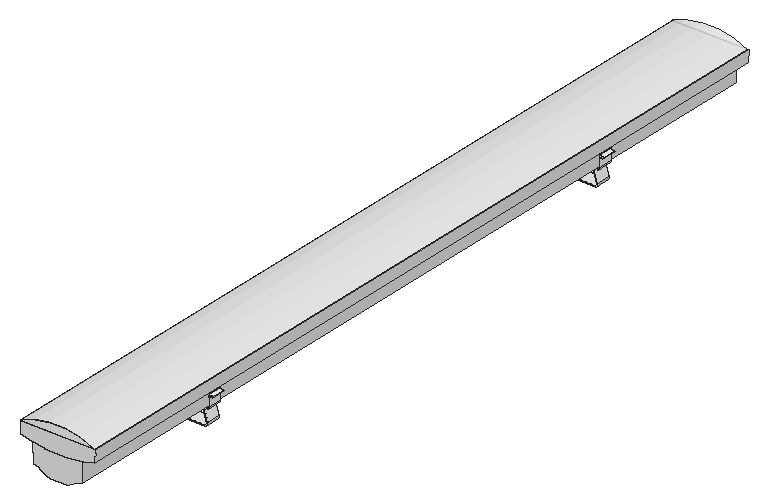
Revit family "Lighting-Industrial-GEWISS-SMART[3]PLUS-WATERTIGHT-LED_OPAL_1200mm", category Apparecchi per illuminazione, host Superficie, Revit 2019
Family settings
  Host = Superficie
  Quota connettore circolare = Usa diametro
  Tipo di parte = Normale
  Numero OmniClass = 23.80.70.11
  Titolo OmniClass = Luminaries for Internal Lighting
  Taglio con vuoti quando caricato = No
  Sorgente d'illuminazione = Sì
  Condiviso = No
  Punto di calcolo locali = No
Parameters (values of type "GWS3223AP957 - SMART3 PLUS 1200 T.W.DALI HE OPAL 9 57")
  Working temperature = "-25 +50 °C"
  Weight (kg): = ""
  Wattage = 27 W
  Warranty = "5 years"
  Voltage = "220-240 V "
  Visibilita_etichetta [instance] = yes
  Version file RFA = "20.0"
  Variazione temperatura colore lampada con luminosità attenuata = (empty or 0)
  URL = "https://www.gewiss.com/ww/en"
  Typology = "DALI"
  Type of light source = "LED - Not replaceable"
  built-in parameter 1150107 = 5700 (stored number, unit not read)
  Technical sheet = "https://www.gewiss.com/ww/en/search?q=GWS3223AP957"
  System power = "38 W"
  Struttura = GEWISS - SMART 3 - GRIGIO
  Stampa 1_200 = no
  Stampa 1_100 = not(Stampa 1_200)  # yes
  Spostamento_Y_etichetta [instance] = 0 mm
  Spostamento_Y_effettivo_etichetta [instance] = 1500 mm - Spostamento_Y_etichetta  # 1500 mm
  Spostamento_X_etichetta [instance] = 0 mm
  Spostamento_X_effettivo_etichetta [instance] = 1500 mm - Spostamento_X_etichetta  # 1500 mm
  Shock resistance = "IK08"
  Shield type = "Opal"
  Schermo. = Gewiss - Led Acceso
  SEO = "Ceiling"
  Realized by GEWISS S.p.A. = ""
  Default Elevation = 1219.2 mm
  Produttore = "GEWISS S.p.A."
  built-in parameter 1150110 = 1 (stored number, unit not read)
  built-in parameter 1150109 = 1 (stored number, unit not read)
  built-in parameter 1114218 = 1 (stored number, unit not read)
  built-in parameter 1150112 = 1 (stored number, unit not read)
  Operating temperature: = "-25 +50 °C"
  Nominal flux (lm) = ""
  No. LED (#) = ""
  Modello = "GWS3223AP957"
  built-in parameter 1150137 = (empty or 0)
  built-in parameter 1150132 = (empty or 0)
  Lunghezza Lampada = 1200 mm  # constant formula
  Lumen output (lm) = "3900"
  Length = "1200 mm"
  Lampada = "LED"
  Lamp = "LED"
  LED LifeTime (L80B20) = ""
  LED Life time (L80B50) = ""
  LED Life time (L70) = ""
  LED Life Time (L90B50) = ""
  built-in parameter 1150105 = 1406.7 (stored number, unit not read)
  built-in parameter 1150102 = (empty or 0)
  Insulation class = "II"
  Immagine tipo = GWS3136P.jpg
  built-in parameter 1150106 = 14.067 (stored number, unit not read)
  IP degree = "IP66/IP69"
  IFC.TypeObject = ""
  IFC.ExportType = ""
  IFC.ExportAs = ""
  IDT = "84740947-4458-4bd0-8500-a6808f406d3d"
  IDF = "35a07a59-9605-4c57-af91-40763df17a89"
  Glow Wire Test = "850°C"
  Ganci = GEWISS  - ALLUMINIO
  Lumens = 4010.63 lm
  Color Filter = 16777215
  File diagramma fotometrico = "GWS3223AP957.IES"
  built-in parameter 1114217 = 1 (stored number, unit not read)
  built-in parameter 1150139 = (empty or 0)
  Failure rate apparecchio (50.000h, Tq=25Â° C) = ""
  Failure rate apparecchio (35.000h, Tq=35Â° C) = ""
  Emetti da lunghezza linea = 700 mm
  Electrocod = "2434"
  Efficiency class of integrated LEDs = "A ÷ A++"
  built-in parameter 1150104 = 13.8 (stored number, unit not read)
  EAN code = ""
  Driver type = ""
  built-in parameter 1150115 = 1 (stored number, unit not read)
  built-in parameter 1150114 = 1 (stored number, unit not read)
  built-in parameter 1150113 = 1 (stored number, unit not read)
  Device with reduced surface temperature = ""
  Descrizione = "SMART3 PLUS 1200 T.W.DALI HE OPAL 9 57"
  Commenti sul wattaggio = "45W"
  Colour temperature: = "5700 K (CRI > 90)"
  Colour temperature = "5700 K (CRI > 90)"
  built-in parameter 1150134 = (empty or 0)
  built-in parameter 1150138 = (empty or 0)
  Catalogue Range = "SMART[3] PLUS"
  Catalogue = "LIGHTING"
  Carico apparente = 45 VA
  COBie.Tagnumber = ""
  COBie.CreatedOn = ""
  COBie.CreatebBy = ""
  COBie.ComponentRegisterItemID = ""
  COBie.Component.TagNumber = ""
  COBie.Component.Space = ""
  COBie.Component.SerialNumber = ""
  COBie.Component.InstallationDate = ""
  COBie.Component.Description = ""
  COBie.Component.BarCode = ""
  Application = "Indoor"
  Tilt Angle = -90.00°
  built-in parameter 1150133 = 10 (stored number, unit not read)
Types (25, lengths in mm): name | Wattage | Typology | built-in parameter 1150107 | Technical sheet | System power | Modello | Lumen output (lm) | built-in parameter 1150105 | built-in parameter 1150106 | IDT | Lumens | File diagramma fotometrico | Emetti da lunghezza linea | built-in parameter 1150104 | Descrizione | Commenti sul wattaggio | Colour temperature: | Colour temperature | Carico apparente
  (no name) | 27 W | "DALI" | 5700 (stored number, unit not read) | "https://www.gewiss.com/ww/en/search?q=GWS3223AP957" | "38 W" | "GWS3223AP957" | "3900" | 1406.7 (stored number, unit not read) | 14.067 (stored number, unit not read) | "84740947-4458-4bd0-8500-a6808f406d3d" | 4010.63 lm | "GWS3223AP957.IES" | 700 | 13.8 (stored number, unit not read) | "SMART3 PLUS 1200 T.W.DALI HE OPAL 9 57" | "45W" | "5700 K (CRI > 90)" | "5700 K (CRI > 90)" | 45 VA
  GWS3222AP840 - SMART3 PLUS 1200 T.W.ON/OFF HE OPAL 8 40 | 27 W | "" | 5700 (stored number, unit not read) | "https://www.gewiss.com/ww/en/search?q=GWS3222AP840" | "36 W" | "GWS3222AP840" | "5000" | 1406.7 (stored number, unit not read) | 14.067 (stored number, unit not read) | "0d3f9429-c22b-475f-9636-5bf71b93c541" | 4010.63 lm | "GWS3222AP840.IES" | 700 | 13.8 (stored number, unit not read) | "SMART3 PLUS 1200 T.W.ON/OFF HE OPAL 8 40" | "43W" | "4000 K (CRI > 80)" | "4000 K (CRI > 80)" | 43 VA
  GWS3220AP940 - SMART3 PLUS 1200 ON/OFF HE OPAL 9 40 | 20 W | "" | 3000 (stored number, unit not read) | "https://www.gewiss.com/ww/en/search?q=GWS3220AP940" | "36 W" | "GWS3220AP940" | "3900" | 15291.9 (stored number, unit not read) | 152.92 (stored number, unit not read) | "e7068b04-26ef-4bc0-babd-aa1d6982b062" | 43600 lm | "GWS3220AP940.IES" | 700 | 202.53 (stored number, unit not read) | "SMART3 PLUS 1200 ON/OFF HE OPAL 9 40" | "22W" | "4000 K (CRI > 90)" | "4000 K (CRI > 90)" | 22 VA
  GWS3220AP957 - SMART3 PLUS 1200 ON/OFF HE OPAL 9 57 | 27 W | "" | 5700 (stored number, unit not read) | "https://www.gewiss.com/ww/en/search?q=GWS3220AP957" | "36 W" | "GWS3220AP957" | "3900" | 1406.7 (stored number, unit not read) | 14.067 (stored number, unit not read) | "a5b87bab-2ca1-41d5-a7b9-1111eeb238cd" | 4010.63 lm | "GWS3220AP957.IES" | 1000 | 13.8 (stored number, unit not read) | "SMART3 PLUS 1200 ON/OFF HE OPAL 9 57" | "22W" | "5700 K (CRI > 90)" | "5700 K (CRI > 90)" | 22 VA
  GWS3222AP930 - SMART3 PLUS 1200 T.W.ON/OFF HE OPAL 9 30 | 27 W | "" | 5700 (stored number, unit not read) | "https://www.gewiss.com/ww/en/search?q=GWS3222AP930" | "36 W" | "GWS3222AP930" | "3700" | 1406.7 (stored number, unit not read) | 14.067 (stored number, unit not read) | "89a32d22-026f-4630-af17-26f132fc07e6" | 4010.63 lm | "GWS3222AP930.IES" | 700 | 13.8 (stored number, unit not read) | "SMART3 PLUS 1200 T.W.ON/OFF HE OPAL 9 30" | "45W" | "3000 K (CRI > 90)" | "3000 K (CRI > 90)" | 45 VA
  GWS3222AP857 - SMART3 PLUS 1200 T.W.ON/OFF HE OPAL 8 57 | 27 W | "" | 5700 (stored number, unit not read) | "https://www.gewiss.com/ww/en/search?q=GWS3222AP857" | "36 W" | "GWS3222AP857" | "5000" | 1406.7 (stored number, unit not read) | 14.067 (stored number, unit not read) | "e7beca3f-74ad-4f4d-80ce-06d36035a6da" | 4010.63 lm | "GWS3222AP857.IES" | 700 | 13.8 (stored number, unit not read) | "SMART3 PLUS 1200 T.W.ON/OFF HE OPAL 8 57" | "45W" | "5700 K (CRI > 80)" | "5700 K (CRI > 80)" | 45 VA
  GWS3222AP957 - SMART3 PLUS 1200 T.W.ON/OFF HE OPAL 9 57 | 27 W | "" | 5700 (stored number, unit not read) | "https://www.gewiss.com/ww/en/search?q=GWS3222AP957" | "36 W" | "GWS3222AP957" | "3900" | 1406.7 (stored number, unit not read) | 14.067 (stored number, unit not read) | "fb2d8e2f-31ae-46e2-8e76-3422ad898fdd" | 4010.63 lm | "GWS3222AP957.IES" | 700 | 13.8 (stored number, unit not read) | "SMART3 PLUS 1200 T.W.ON/OFF HE OPAL 9 57" | "45W" | "5700 K (CRI > 90)" | "5700 K (CRI > 90)" | 45 VA
  GWS3221AP830 - SMART3 PLUS 1200 DALI HE OPAL 8 30 | 27 W | "DALI" | 5700 (stored number, unit not read) | "https://www.gewiss.com/ww/en/search?q=GWS3221AP830" | "38 W" | "GWS3221AP830" | "4700" | 1406.7 (stored number, unit not read) | 14.067 (stored number, unit not read) | "8df6979c-1043-4f18-a851-972a7536ec69" | 4010.63 lm | "GWS3221AP830.IES" | 1000 | 13.8 (stored number, unit not read) | "SMART3 PLUS 1200 DALI HE OPAL 8 30" | "20W" | "3000 K (CRI > 80)" | "3000 K (CRI > 80)" | 20 VA
  GWS3221AP840 - SMART3 PLUS 1200 DALI HE OPAL 8 40 | 27 W | "DALI" | 5700 (stored number, unit not read) | "https://www.gewiss.com/ww/en/search?q=GWS3221AP840" | "38 W" | "GWS3221AP840" | "5000" | 1406.7 (stored number, unit not read) | 14.067 (stored number, unit not read) | "00e2a6ee-ce61-4677-a987-b92e7aec1671" | 4010.63 lm | "GWS3221AP840.IES" | 700 | 13.8 (stored number, unit not read) | "SMART3 PLUS 1200 DALI HE OPAL 8 40" | "20W" | "4000 K (CRI > 80)" | "4000 K (CRI > 80)" | 20 VA
  GWS3221AP857 - SMART3 PLUS 1200 DALI HE OPAL 8 57 | 27 W | "DALI" | 5700 (stored number, unit not read) | "https://www.gewiss.com/ww/en/search?q=GWS3221AP857" | "38 W" | "GWS3221AP857" | "5000" | 1406.7 (stored number, unit not read) | 14.067 (stored number, unit not read) | "f4a89329-e9a9-43f2-8a98-1295551ec5b5" | 4010.63 lm | "GWS3221AP857.IES" | 700 | 13.8 (stored number, unit not read) | "SMART3 PLUS 1200 DALI HE OPAL 8 57" | "20W" | "5700 K (CRI > 80)" | "5700 K (CRI > 80)" | 20 VA
  GWS3221AP930 - SMART3 PLUS 1200 DALI HE OPAL 9 30 | 27 W | "DALI" | 5700 (stored number, unit not read) | "https://www.gewiss.com/ww/en/search?q=GWS3221AP930" | "38 W" | "GWS3221AP930" | "3700" | 1406.7 (stored number, unit not read) | 14.067 (stored number, unit not read) | "baa6109a-3459-4c64-b184-4c6fbba45762" | 4010.63 lm | "GWS3221AP930.IES" | 700 | 13.8 (stored number, unit not read) | "SMART3 PLUS 1200 DALI HE OPAL 9 30" | "20W" | "3000 K (CRI > 90)" | "3000 K (CRI > 90)" | 20 VA
  GWS3221AP940 - SMART3 PLUS 1200 DALI HE OPAL 9 40 | 27 W | "DALI" | 5700 (stored number, unit not read) | "https://www.gewiss.com/ww/en/search?q=GWS3221AP940" | "38 W" | "GWS3221AP940" | "3900" | 1406.7 (stored number, unit not read) | 14.067 (stored number, unit not read) | "15c28b0e-0032-4508-8b66-b33155fb1d73" | 4010.63 lm | "GWS3221AP940.IES" | 700 | 13.8 (stored number, unit not read) | "SMART3 PLUS 1200 DALI HE OPAL 9 40" | "20W" | "4000 K (CRI > 90)" | "4000 K (CRI > 90)" | 20 VA
  GWS3221AP957 - SMART3 PLUS 1200 DALI HE OPAL 9 57 | 27 W | "DALI" | 5700 (stored number, unit not read) | "https://www.gewiss.com/ww/en/search?q=GWS3221AP957" | "38 W" | "GWS3221AP957" | "3900" | 1406.7 (stored number, unit not read) | 14.067 (stored number, unit not read) | "db1158eb-94b1-46af-8d42-f3143d372cd5" | 4010.63 lm | "GWS3221AP957.IES" | 700 | 13.8 (stored number, unit not read) | "SMART3 PLUS 1200 DALI HE OPAL 9 57" | "20W" | "5700 K (CRI > 90)" | "5700 K (CRI > 90)" | 20 VA
  GWS3223AP940 - SMART3 PLUS 1200 T.W.DALI HE OPAL 9 40 | 27 W | "DALI" | 5700 (stored number, unit not read) | "https://www.gewiss.com/ww/en/search?q=GWS3223AP940" | "38 W" | "GWS3223AP940" | "3900" | 1406.7 (stored number, unit not read) | 14.067 (stored number, unit not read) | "86c8ca46-e5a8-4727-ba5f-19a50429f910" | 4010.63 lm | "GWS3223AP940.IES" | 700 | 13.8 (stored number, unit not read) | "SMART3 PLUS 1200 T.W.DALI HE OPAL 9 40" | "43W" | "4000 K (CRI > 90)" | "4000 K (CRI > 90)" | 43 VA
  GWS3222AP830 - SMART3 PLUS 1200 T.W.ON/OFF HE OPAL 8 30 | 27 W | "" | 5700 (stored number, unit not read) | "https://www.gewiss.com/ww/en/search?q=GWS3222AP830" | "36 W" | "GWS3222AP830" | "4700" | 1406.7 (stored number, unit not read) | 14.067 (stored number, unit not read) | "49236bba-221f-4504-be8b-9bd25f0a9973" | 4010.63 lm | "GWS3222AP830.IES" | 700 | 13.8 (stored number, unit not read) | "SMART3 PLUS 1200 T.W.ON/OFF HE OPAL 8 30" | "43W" | "3000 K (CRI > 80)" | "3000 K (CRI > 80)" | 43 VA
  GWS3223AP830 - SMART3 PLUS 1200 T.W.DALI HE OPAL 8 30 | 27 W | "DALI" | 5700 (stored number, unit not read) | "https://www.gewiss.com/ww/en/search?q=GWS3223AP830" | "38 W" | "GWS3223AP830" | "4700" | 1406.7 (stored number, unit not read) | 14.067 (stored number, unit not read) | "1118e45e-dcd3-4871-ba43-05d383a1b80a" | 4010.63 lm | "GWS3223AP830.IES" | 700 | 13.8 (stored number, unit not read) | "SMART3 PLUS 1200 T.W.DALI HE OPAL 8 30" | "43W" | "3000 K (CRI > 80)" | "3000 K (CRI > 80)" | 43 VA
  GWS3222AP940 - SMART3 PLUS 1200 T.W.ON/OFF HE OPAL 9 40 | 27 W | "" | 5700 (stored number, unit not read) | "https://www.gewiss.com/ww/en/search?q=GWS3222AP940" | "36 W" | "GWS3222AP940" | "3900" | 1406.7 (stored number, unit not read) | 14.067 (stored number, unit not read) | "9c9d4890-e7fa-448e-b07c-88db7e59b219" | 4010.63 lm | "GWS3222AP940.IES" | 700 | 13.8 (stored number, unit not read) | "SMART3 PLUS 1200 T.W.ON/OFF HE OPAL 9 40" | "45W" | "4000 K (CRI > 90)" | "4000 K (CRI > 90)" | 45 VA
  GWS3223AP957 - SMART3 PLUS 1200 T.W.DALI HE OPAL 9 57 | 27 W | "DALI" | 5700 (stored number, unit not read) | "https://www.gewiss.com/ww/en/search?q=GWS3223AP957" | "38 W" | "GWS3223AP957" | "3900" | 1406.7 (stored number, unit not read) | 14.067 (stored number, unit not read) | "84740947-4458-4bd0-8500-a6808f406d3d" | 4010.63 lm | "GWS3223AP957.IES" | 700 | 13.8 (stored number, unit not read) | "SMART3 PLUS 1200 T.W.DALI HE OPAL 9 57" | "45W" | "5700 K (CRI > 90)" | "5700 K (CRI > 90)" | 45 VA
  GWS3223AP840 - SMART3 PLUS 1200 T.W.DALI HE OPAL 8 40 | 27 W | "DALI" | 5700 (stored number, unit not read) | "https://www.gewiss.com/ww/en/search?q=GWS3223AP840" | "38 W" | "GWS3223AP840" | "5000" | 1406.7 (stored number, unit not read) | 14.067 (stored number, unit not read) | "02848657-2dc2-44a1-b034-c52d90df2ab5" | 4010.63 lm | "GWS3223AP840.IES" | 700 | 13.8 (stored number, unit not read) | "SMART3 PLUS 1200 T.W.DALI HE OPAL 8 40" | "45W" | "4000 K (CRI > 80)" | "4000 K (CRI > 80)" | 45 VA
  GWS3220AP840 - SMART3 PLUS 1200 ON/OFF HE OPAL 8 40 | 27 W | "" | 5700 (stored number, unit not read) | "https://www.gewiss.com/ww/en/search?q=GWS3220AP840" | "36 W" | "GWS3220AP840" | "5000" | 1406.7 (stored number, unit not read) | 14.067 (stored number, unit not read) | "ccb9315e-8b98-4913-a433-5ac34c7d87d2" | 4010.63 lm | "GWS3220AP840.IES" | 700 | 13.8 (stored number, unit not read) | "SMART3 PLUS 1200 ON/OFF HE OPAL 8 40" | "20W" | "4000 K (CRI > 80)" | "4000 K (CRI > 80)" | 20 VA
  GWS3220AP857 - SMART3 PLUS 1200 ON/OFF HE OPAL 8 57 | 27 W | "" | 5700 (stored number, unit not read) | "https://www.gewiss.com/ww/en/search?q=GWS3220AP857" | "36 W" | "GWS3220AP857" | "5000" | 1406.7 (stored number, unit not read) | 14.067 (stored number, unit not read) | "0e4d414c-51cd-4b0b-8ef3-3038ca59cee3" | 4010.63 lm | "GWS3220AP857.IES" | 700 | 13.8 (stored number, unit not read) | "SMART3 PLUS 1200 ON/OFF HE OPAL 8 57" | "20W" | "5700 K (CRI > 80)" | "5700 K (CRI > 80)" | 20 VA
  GWS3220AP930 - SMART3 PLUS 1200 ON/OFF HE OPAL 9 30 | 27 W | "" | 5700 (stored number, unit not read) | "https://www.gewiss.com/ww/en/search?q=GWS3220AP930" | "36 W" | "GWS3220AP930" | "3700" | 1406.7 (stored number, unit not read) | 14.067 (stored number, unit not read) | "31d907c3-c7c7-4312-9e3d-e90a70610cbd" | 4010.63 lm | "GWS3220AP930.IES" | 700 | 13.8 (stored number, unit not read) | "SMART3 PLUS 1200 ON/OFF HE OPAL 9 30" | "20W" | "3000 K (CRI > 90)" | "3000 K (CRI > 90)" | 20 VA
  GWS3223AP930 - SMART3 PLUS 1200 T.W.DALI HE OPAL 9 30 | 27 W | "DALI" | 5700 (stored number, unit not read) | "https://www.gewiss.com/ww/en/search?q=GWS3223AP930" | "38 W" | "GWS3223AP930" | "3700" | 1406.7 (stored number, unit not read) | 14.067 (stored number, unit not read) | "c4e0bfc1-6811-4b7b-9053-68611e14df82" | 4010.63 lm | "GWS3223AP930.IES" | 700 | 13.8 (stored number, unit not read) | "SMART3 PLUS 1200 T.W.DALI HE OPAL 9 30" | "43W" | "3000 K (CRI > 90)" | "3000 K (CRI > 90)" | 43 VA
  GWS3223AP857 - SMART3 PLUS 1200 T.W.DALI HE OPAL 8 57 | 27 W | "DALI" | 5700 (stored number, unit not read) | "https://www.gewiss.com/ww/en/search?q=GWS3223AP857" | "38 W" | "GWS3223AP857" | "5000" | 1406.7 (stored number, unit not read) | 14.067 (stored number, unit not read) | "5e684c26-3f32-4693-8877-4f8f00335e89" | 4010.63 lm | "GWS3223AP857.IES" | 700 | 13.8 (stored number, unit not read) | "SMART3 PLUS 1200 T.W.DALI HE OPAL 8 57" | "43W" | "5700 K (CRI > 80)" | "5700 K (CRI > 80)" | 43 VA
  GWS3220AP830 - SMART3 PLUS 1200 ON/OFF HE OPAL 8 30 | 27 W | "" | 5700 (stored number, unit not read) | "https://www.gewiss.com/ww/en/search?q=GWS3220AP830" | "36 W" | "GWS3220AP830" | "4700" | 1406.7 (stored number, unit not read) | 14.067 (stored number, unit not read) | "a39845c1-0995-407d-b047-f61a10c9b95c" | 4010.63 lm | "GWS3220AP830.IES" | 700 | 13.8 (stored number, unit not read) | "SMART3 PLUS 1200 ON/OFF HE OPAL 8 30" | "20W" | "3000 K (CRI > 80)" | "3000 K (CRI > 80)" | 20 VA
Values of the unnamed type that differ from the named types
  Variazione temperatura colore lampada con luminosità attenuata = <Nessuno>
Reference planes
  plane 1 "Centro (Fronte/Retro)": y = 0
  plane 2: z = 0
  plane 3 "Centro (Sinistra/Destra)": x = 0
  plane 4: x = -1500
  plane 5: y = -1500
  plane 6: x = 0
  plane 7: y = 0
Forms (mm)
  Extrusion 1, solid, material "GEWISS  - ALLUMINIO" <- "Ganci", detail levels medium+fine
    sketch origin (0, 0, 0) x (1, 0, 0) y (0, 0, 1)
      loop
        arc (31.431, -0.002) -> (34.576, 1.589) -> (35.156, 5.066) r 3.903
        line (35.156, 5.066) -> (29.612, 23.211)
        arc (29.612, 23.211) -> (29.883, 24.381) -> (31.032, 24.73) r 1.2
        line (31.032, 24.73) -> (34.307, 23.974)
        arc (34.307, 23.974) -> (36.765, 24.53) -> (37.859, 26.8) r 2.9
        line (37.859, 26.8) -> (37.859, 38.8)
        arc (37.859, 38.8) -> (37.648, 39.694) -> (37.059, 40.4) r 2
        line (37.059, 40.4) -> (37.059, 42.71) -> (42.861, 40.598) -> (43.203, 41.538) -> (37.53, 43.603)
        arc (37.53, 43.603) -> (37.019, 43.613) -> (36.605, 43.311) r 0.8
        line (36.605, 43.311) -> (36.306, 26.139)
        arc (36.306, 26.139) -> (35.6, 25.444) -> (34.616, 25.34) r 1.5
        line (34.616, 25.34) -> (31.344, 26.095)
        arc (31.344, 26.095) -> (28.858, 25.335) -> (28.273, 22.802) r 2.6
        line (28.273, 22.802) -> (33.827, 4.636)
        arc (33.827, 4.636) -> (33.449, 2.415) -> (31.438, 1.4) r 2.5
        line (31.438, 1.4) -> (-31.437, 1.4)
        arc (-31.437, 1.4) -> (-33.449, 2.415) -> (-33.827, 4.636) r 2.5
        line (-33.827, 4.636) -> (-28.273, 22.802)
        arc (-28.273, 22.802) -> (-28.858, 25.335) -> (-31.344, 26.095) r 2.6
        line (-31.344, 26.095) -> (-34.616, 25.34)
        arc (-34.616, 25.34) -> (-35.6, 25.444) -> (-36.306, 26.139) r 1.5
        line (-36.306, 26.139) -> (-36.605, 43.311)
        arc (-36.605, 43.311) -> (-37.019, 43.613) -> (-37.53, 43.603) r 0.8
        line (-37.53, 43.603) -> (-43.203, 41.538) -> (-42.861, 40.598) -> (-37.059, 42.71) -> (-37.059, 40.4)
        arc (-37.059, 40.4) -> (-37.648, 39.694) -> (-37.859, 38.8) r 2
        line (-37.859, 38.8) -> (-37.859, 26.8)
        arc (-37.859, 26.8) -> (-36.765, 24.53) -> (-34.307, 23.974) r 2.9
        line (-34.307, 23.974) -> (-31.032, 24.73)
        arc (-31.032, 24.73) -> (-29.883, 24.381) -> (-29.612, 23.211) r 1.2
        line (-29.612, 23.211) -> (-35.156, 5.066)
        arc (-35.156, 5.066) -> (-34.576, 1.589) -> (-31.431, -0.002) r 3.903
        line (-31.431, -0.002) -> (31.431, -0.002)
    from 348.766 to 368.766
  Extrusion 2, solid, material "GEWISS  - ALLUMINIO" <- "Ganci", detail levels medium+fine
    sketch origin (0, 0, 0) x (1, 0, 0) y (0, 0, -1)
      loop
        line (31.431, 0.002) -> (-31.431, 0.002)
        arc (-31.431, 0.002) -> (-34.576, -1.589) -> (-35.156, -5.066) r 3.903
        line (-35.156, -5.066) -> (-29.612, -23.211)
        arc (-29.612, -23.211) -> (-29.883, -24.381) -> (-31.032, -24.73) r 1.2
        line (-31.032, -24.73) -> (-34.307, -23.974)
        arc (-34.307, -23.974) -> (-36.765, -24.53) -> (-37.859, -26.8) r 2.9
        line (-37.859, -26.8) -> (-37.859, -38.8)
        arc (-37.859, -38.8) -> (-37.648, -39.694) -> (-37.059, -40.4) r 2
        line (-37.059, -40.4) -> (-37.059, -42.71) -> (-42.861, -40.598) -> (-43.203, -41.538) -> (-37.53, -43.603)
        arc (-37.53, -43.603) -> (-37.019, -43.613) -> (-36.605, -43.311) r 0.8
        line (-36.605, -43.311) -> (-36.306, -26.139)
        arc (-36.306, -26.139) -> (-35.6, -25.444) -> (-34.616, -25.34) r 1.5
        line (-34.616, -25.34) -> (-31.344, -26.095)
        arc (-31.344, -26.095) -> (-28.858, -25.335) -> (-28.273, -22.802) r 2.6
        line (-28.273, -22.802) -> (-33.827, -4.636)
        arc (-33.827, -4.636) -> (-33.449, -2.415) -> (-31.437, -1.4) r 2.5
        line (-31.437, -1.4) -> (31.438, -1.4)
        arc (31.438, -1.4) -> (33.449, -2.415) -> (33.827, -4.636) r 2.5
        line (33.827, -4.636) -> (28.273, -22.802)
        arc (28.273, -22.802) -> (28.858, -25.335) -> (31.344, -26.095) r 2.6
        line (31.344, -26.095) -> (34.616, -25.34)
        arc (34.616, -25.34) -> (35.6, -25.444) -> (36.306, -26.139) r 1.5
        line (36.306, -26.139) -> (36.605, -43.311)
        arc (36.605, -43.311) -> (37.019, -43.613) -> (37.53, -43.603) r 0.8
        line (37.53, -43.603) -> (43.203, -41.538) -> (42.861, -40.598) -> (37.059, -42.71) -> (37.059, -40.4)
        arc (37.059, -40.4) -> (37.648, -39.694) -> (37.859, -38.8) r 2
        line (37.859, -38.8) -> (37.859, -26.8)
        arc (37.859, -26.8) -> (36.765, -24.53) -> (34.307, -23.974) r 2.9
        line (34.307, -23.974) -> (31.032, -24.73)
        arc (31.032, -24.73) -> (29.883, -24.381) -> (29.612, -23.211) r 1.2
        line (29.612, -23.211) -> (35.156, -5.066)
        arc (35.156, -5.066) -> (34.576, -1.589) -> (31.431, 0.002) r 3.903
    from 348.766 to 368.766
  Extrusion 3, solid, material "GEWISS - SMART 3 - GRIGIO" <- "Struttura", detail levels medium+fine
    sketch origin (0, 0, 0) x (1, 0, 0) y (0, 0, 1)
      loop
        line (-36.331, 55.757) -> (-35.847, 28.018)
        arc (-35.847, 28.018) -> (-33.139, 27.27) -> (-30.416, 26.58) r 129.5
        arc (-30.416, 26.58) -> (-28.066, 25.76) -> (-25.915, 24.506) r 13
        arc (-25.915, 24.506) -> (-24.23, 23.324) -> (-22.521, 22.178) r 99.5
        arc (-22.521, 22.178) -> (-16.401, 19.063) -> (-9.748, 17.365) r 31.146
        line (-9.748, 17.365) -> (12.491, 17.365)
        arc (12.491, 17.365) -> (17.822, 19.098) -> (22.764, 21.745) r 31.646
        arc (22.764, 21.745) -> (24.509, 22.915) -> (26.228, 24.122) r 100
        arc (26.228, 24.122) -> (28.283, 25.313) -> (30.525, 26.095) r 12.5
        arc (30.525, 26.095) -> (33.437, 26.834) -> (36.332, 27.64) r 130
        line (36.332, 27.64) -> (36.824, 55.851)
        arc (36.824, 55.851) -> (24.914, 53.937) -> (12.909, 52.764) r 195.047
        line (12.909, 52.764) -> (-12.909, 52.764)
        arc (-12.909, 52.764) -> (-24.665, 53.905) -> (-36.331, 55.757) r 195.047
    from -600 to 600
  Extrusion 4, solid, material "GEWISS - SMART 3 - GRIGIO" <- "Struttura", detail levels medium+fine
    sketch origin (0, 0, 0) x (1, 0, 0) y (0, 0, 1)
      loop
        line (54.725, 60.184) -> (55.177, 77.445) -> (-55.177, 77.445) -> (-54.725, 60.184)
        arc (-54.725, 60.184) -> (-34.019, 55.332) -> (-12.909, 52.764) r 195.047
        line (-12.909, 52.764) -> (12.909, 52.764)
        arc (12.909, 52.764) -> (34.019, 55.332) -> (54.725, 60.184) r 195.047
    from -600 to 600
  Extrusion 5, solid, material "Gewiss - Led Acceso" <- "Schermo.", detail levels medium+fine
    sketch origin (0, 0, 0) x (1, 0, 0) y (0, 0, 1)
      loop
        arc (54.697, 78.441) -> (-0.014, 90.457) -> (-54.723, 78.429) r 130.5
        arc (-54.723, 78.429) -> (-54.988, 77.838) -> (-54.5, 77.445) r 0.5
        line (-54.5, 77.445) -> (54.479, 77.445)
        arc (54.479, 77.445) -> (54.988, 77.855) -> (54.697, 78.441) r 0.522
    from -600 to 600
  Extrusion 6, solid, material "GEWISS - SMART 3 - GRIGIO" <- "Struttura", detail levels coarse
    sketch origin (0, 0, 0) x (1, 0, 0) y (0, 0, 1)
      loop
        line (-54.5, 90.439) -> (-54.5, 0) -> (54.5, 0) -> (54.5, 90.439) -> (-54.5, 90.439)
    from -600 to 600
Lines and regions (mm)
  Masking region 1
    outline origin (0, 0, 0) x (1, 0, 0) y (0, 1, 0)
      loop
        line (-55.177, 600) -> (-55.177, -600) -> (55.177, -600) -> (55.177, 600) -> (-55.177, 600)
  symbolic lines, style "GEWISS - LIGHT 2D"
    curve 1: line (0, 488.766, 0) -> (0, -535.897, 0)
Dimensions and locks
  plane 4 to plane 3 "Centro (Sinistra/Destra)" = 1500 mm
  "Spostamento_X_effettivo_etichetta": plane 4 to plane 6
  plane 1 "Centro (Fronte/Retro)" to plane 5 = 1500 mm
  "Spostamento_Y_effettivo_etichetta": plane 7 to plane 5
  aligned and locked: plane 2 to host face
  aligned and locked: level to host face
  aligned and locked: Masking region 1 sketch curve to Extrusion 4  (x4)
  aligned and locked: nested 1 to plane 7
  aligned and locked: plane 6 to nested 1
  aligned and locked: curve 1 to plane 3 "Centro (Sinistra/Destra)"
Automatic sketch dimensions
  host sketch curve to host sketch curve = 2438.4 mm  (x2)
  Extrusion 1 sketch curve to Extrusion 1 sketch curve = 0 mm  (x28)
  Extrusion 1 sketch curve to plane 3 "Centro (Sinistra/Destra)" = 43.203 mm
  level to Extrusion 1 sketch curve = 40.598 mm
  Extrusion 1 sketch curve to Extrusion 1 sketch curve = 0.342 mm  (x2)
  Extrusion 1 sketch curve to Extrusion 1 sketch curve = 5.002 mm  (x2)
  Extrusion 1 sketch curve to Extrusion 1 sketch curve = 0.329 mm
  Extrusion 1 sketch curve to Extrusion 1 sketch curve = 0.271 mm  (x2)
  Extrusion 1 sketch curve to Extrusion 1 sketch curve = 0.8 mm  (x2)
  Extrusion 1 sketch curve to Extrusion 1 sketch curve = 0.454 mm  (x2)
  Extrusion 1 sketch curve to Extrusion 1 sketch curve = 1.554 mm
  Extrusion 1 sketch curve to Extrusion 1 sketch curve = 2 mm
  level to Extrusion 1 sketch curve = 5.066 mm  (x2)
  Extrusion 1 sketch curve to Extrusion 1 sketch curve = 1.15 mm
  Extrusion 1 sketch curve to Extrusion 1 sketch curve = 1.346 mm  (x2)
  Extrusion 1 sketch curve to Extrusion 1 sketch curve = 0.343 mm  (x2)
  level to Extrusion 1 sketch curve = 4.636 mm  (x2)
  Extrusion 1 sketch curve to Extrusion 1 sketch curve = 1.329 mm  (x2)
  level to Extrusion 1 sketch curve = 1.4 mm
  Extrusion 1 sketch curve to Extrusion 1 sketch curve = 2.389 mm  (x2)
  Extrusion 1 sketch curve to Extrusion 1 sketch curve = 0.007 mm  (x2)
  Extrusion 1 sketch curve to Extrusion 1 sketch curve = 3.584 mm  (x2)
  Extrusion 1 sketch curve to Extrusion 1 sketch curve = 0.273 mm  (x2)
  plane 3 "Centro (Sinistra/Destra)" to Extrusion 1 sketch curve = 30.759 mm
  Extrusion 1 sketch curve to level = 0.002 mm
  Extrusion 1 sketch curve to Extrusion 1 sketch curve = 0.672 mm
  Extrusion 1 sketch curve to Extrusion 1 sketch curve = 0.9 mm
  level to Extrusion 1 sketch curve = 26.139 mm
  Extrusion 1 sketch curve to Extrusion 1 sketch curve = 0.746 mm
  Extrusion 1 sketch curve to Extrusion 1 sketch curve = 0.2 mm
  Extrusion 1 sketch curve to Extrusion 1 sketch curve = 2.577 mm
  Extrusion 1 sketch curve to Extrusion 1 sketch curve = 18.496 mm
  Extrusion 1 sketch curve to Extrusion 1 sketch curve = 1.169 mm  (x2)
  Extrusion 1 sketch curve to Extrusion 1 sketch curve = 0.799 mm  (x2)
  Extrusion 1 sketch curve to Extrusion 1 sketch curve = 0.609 mm
  Extrusion 1 sketch curve to Extrusion 1 sketch curve = 1.798 mm  (x2)
  Extrusion 1 sketch curve to Extrusion 1 sketch curve = 12 mm
  Extrusion 1 sketch curve to Extrusion 1 sketch curve = 0.94 mm  (x2)
  Extrusion 1 sketch curve to Extrusion 1 sketch curve = 0.14 mm  (x2)
  Extrusion 1 sketch curve to Extrusion 1 sketch curve = 0.309 mm  (x2)
  Extrusion 1 sketch curve to Extrusion 1 sketch curve = 0.312 mm  (x2)
  Extrusion 1 sketch curve to Extrusion 1 sketch curve = 1.148 mm  (x2)
  Extrusion 1 sketch curve to Extrusion 1 sketch curve = 1.339 mm
  Extrusion 1 sketch curve to Extrusion 1 sketch curve = 2.486 mm
  Extrusion 1 sketch curve to Extrusion 1 sketch curve = 0.409 mm  (x2)
  Extrusion 2 sketch curve to Extrusion 2 sketch curve = 0 mm  (x28)
  Extrusion 2 sketch curve to plane 3 "Centro (Sinistra/Destra)" = 43.203 mm
  level to Extrusion 2 sketch curve = 40.598 mm
  Extrusion 2 sketch curve to Extrusion 2 sketch curve = 0.342 mm  (x2)
  Extrusion 2 sketch curve to Extrusion 2 sketch curve = 5.002 mm  (x2)
  Extrusion 2 sketch curve to Extrusion 2 sketch curve = 0.329 mm
  Extrusion 2 sketch curve to Extrusion 2 sketch curve = 0.271 mm  (x2)
  Extrusion 2 sketch curve to Extrusion 2 sketch curve = 0.8 mm  (x2)
  Extrusion 2 sketch curve to Extrusion 2 sketch curve = 0.454 mm  (x2)
  Extrusion 2 sketch curve to Extrusion 2 sketch curve = 1.554 mm
  Extrusion 2 sketch curve to Extrusion 2 sketch curve = 2 mm
  level to Extrusion 2 sketch curve = 5.066 mm  (x2)
  Extrusion 2 sketch curve to Extrusion 2 sketch curve = 1.15 mm
  Extrusion 2 sketch curve to Extrusion 2 sketch curve = 1.346 mm  (x2)
  Extrusion 2 sketch curve to Extrusion 2 sketch curve = 0.343 mm  (x2)
  level to Extrusion 2 sketch curve = 4.636 mm  (x2)
  Extrusion 2 sketch curve to Extrusion 2 sketch curve = 1.329 mm  (x2)
  level to Extrusion 2 sketch curve = 1.4 mm
  Extrusion 2 sketch curve to Extrusion 2 sketch curve = 2.389 mm  (x2)
  Extrusion 2 sketch curve to Extrusion 2 sketch curve = 0.007 mm  (x2)
  Extrusion 2 sketch curve to Extrusion 2 sketch curve = 3.584 mm  (x2)
  Extrusion 2 sketch curve to Extrusion 2 sketch curve = 0.273 mm  (x2)
  plane 3 "Centro (Sinistra/Destra)" to Extrusion 2 sketch curve = 30.759 mm
  Extrusion 2 sketch curve to level = 0.002 mm
  Extrusion 2 sketch curve to Extrusion 2 sketch curve = 0.672 mm
  Extrusion 2 sketch curve to Extrusion 2 sketch curve = 0.9 mm
  level to Extrusion 2 sketch curve = 26.139 mm
  Extrusion 2 sketch curve to Extrusion 2 sketch curve = 0.746 mm
  Extrusion 2 sketch curve to Extrusion 2 sketch curve = 0.2 mm
  Extrusion 2 sketch curve to Extrusion 2 sketch curve = 14.46 mm
  Extrusion 2 sketch curve to Extrusion 2 sketch curve = 0.94 mm  (x2)
  Extrusion 2 sketch curve to Extrusion 2 sketch curve = 0.14 mm  (x2)
  Extrusion 2 sketch curve to Extrusion 2 sketch curve = 2.31 mm  (x2)
  Extrusion 2 sketch curve to Extrusion 2 sketch curve = 12 mm
  Extrusion 2 sketch curve to Extrusion 2 sketch curve = 0.661 mm  (x2)
  Extrusion 2 sketch curve to Extrusion 2 sketch curve = 0.609 mm  (x2)
  Extrusion 2 sketch curve to Extrusion 2 sketch curve = 1.169 mm  (x2)
  Extrusion 2 sketch curve to Extrusion 2 sketch curve = 0.309 mm  (x2)
  Extrusion 2 sketch curve to Extrusion 2 sketch curve = 0.312 mm  (x2)
  Extrusion 2 sketch curve to Extrusion 2 sketch curve = 1.148 mm  (x2)
  Extrusion 2 sketch curve to Extrusion 2 sketch curve = 1.339 mm
  Extrusion 2 sketch curve to Extrusion 2 sketch curve = 2.486 mm
  Extrusion 2 sketch curve to Extrusion 2 sketch curve = 1.365 mm  (x2)
  Extrusion 3 sketch curve to plane 3 "Centro (Sinistra/Destra)" = 36.331 mm
  Extrusion 3 sketch curve to Extrusion 3 sketch curve = 0.484 mm
  Extrusion 3 sketch curve to Extrusion 3 sketch curve = 2.34 mm
  Extrusion 3 sketch curve to plane 3 "Centro (Sinistra/Destra)" = 32.068 mm
  Extrusion 3 sketch curve to plane 3 "Centro (Sinistra/Destra)" = 12.909 mm
  Extrusion 3 sketch curve to plane 3 "Centro (Sinistra/Destra)" = 9.748 mm
  Extrusion 3 sketch curve to plane 3 "Centro (Sinistra/Destra)" = 5.421 mm
  Extrusion 3 sketch curve to plane 3 "Centro (Sinistra/Destra)" = 0.057 mm
  Extrusion 3 sketch curve to plane 3 "Centro (Sinistra/Destra)" = 0.007 mm
  Extrusion 3 sketch curve to plane 3 "Centro (Sinistra/Destra)" = 0.001 mm
  plane 3 "Centro (Sinistra/Destra)" to Extrusion 3 sketch curve = 0.057 mm
  plane 3 "Centro (Sinistra/Destra)" to Extrusion 3 sketch curve = 5.412 mm
  plane 3 "Centro (Sinistra/Destra)" to Extrusion 3 sketch curve = 12.491 mm
  Extrusion 3 sketch curve to Extrusion 3 sketch curve = 7.496 mm
  plane 3 "Centro (Sinistra/Destra)" to Extrusion 3 sketch curve = 32.059 mm
  Extrusion 3 sketch curve to Extrusion 3 sketch curve = 21.008 mm
  Extrusion 3 sketch curve to Extrusion 3 sketch curve = 2.833 mm
  Extrusion 3 sketch curve to Extrusion 3 sketch curve = 23.916 mm
  level to Extrusion 3 sketch curve = 13.953 mm  (x2)
  level to Extrusion 3 sketch curve = 17.365 mm  (x2)
  Extrusion 3 sketch curve to Extrusion 3 sketch curve = 13.687 mm
  Extrusion 3 sketch curve to Extrusion 3 sketch curve = 14.064 mm
  Extrusion 3 sketch curve to Extrusion 3 sketch curve = 30.844 mm
  Extrusion 3 sketch curve to Extrusion 3 sketch curve = 0 mm  (x3)
  Extrusion 3 sketch curve to Extrusion 3 sketch curve = 4.555 mm
  Extrusion 3 sketch curve to Extrusion 3 sketch curve = 2.993 mm
  Extrusion 3 sketch curve to Extrusion 3 sketch curve = 3.087 mm
  Extrusion 3 sketch curve to Extrusion 3 sketch curve = 49.52 mm
  Extrusion 3 sketch curve to Extrusion 3 sketch curve = 49.615 mm
  Extrusion 3 sketch curve to Extrusion 3 sketch curve = 47.089 mm
  Extrusion 3 sketch curve to Extrusion 3 sketch curve = 5.431 mm
  Extrusion 3 sketch curve to Extrusion 3 sketch curve = 4.5 mm
  Extrusion 3 sketch curve to Extrusion 3 sketch curve = 10.273 mm
  Extrusion 3 sketch curve to Extrusion 3 sketch curve = 3.465 mm
  Extrusion 3 sketch curve to Extrusion 3 sketch curve = 4.297 mm
  Extrusion 4 sketch curve to plane 3 "Centro (Sinistra/Destra)" = 55.177 mm
  Extrusion 4 sketch curve to Extrusion 4 sketch curve = 0.452 mm  (x2)
  Extrusion 4 sketch curve to plane 3 "Centro (Sinistra/Destra)" = 12.909 mm
  Extrusion 4 sketch curve to plane 3 "Centro (Sinistra/Destra)" = 0.057 mm
  plane 3 "Centro (Sinistra/Destra)" to Extrusion 4 sketch curve = 0.057 mm
  plane 3 "Centro (Sinistra/Destra)" to Extrusion 4 sketch curve = 12.909 mm
  Extrusion 4 sketch curve to Extrusion 4 sketch curve = 41.816 mm
  level to Extrusion 4 sketch curve = 52.764 mm
  Extrusion 4 sketch curve to Extrusion 4 sketch curve = 7.42 mm  (x2)
  Extrusion 4 sketch curve to Extrusion 4 sketch curve = 17.262 mm
  Extrusion 5 sketch curve to plane 3 "Centro (Sinistra/Destra)" = 0 mm
  Extrusion 5 sketch curve to plane 3 "Centro (Sinistra/Destra)" = 54.5 mm
  plane 3 "Centro (Sinistra/Destra)" to Extrusion 5 sketch curve = 54.479 mm
  Extrusion 5 sketch curve to level = 40.043 mm
  level to Extrusion 5 sketch curve = 77.445 mm
  Extrusion 5 sketch curve to Extrusion 5 sketch curve = 0.5 mm
  Extrusion 5 sketch curve to Extrusion 5 sketch curve = 0.522 mm
  Extrusion 5 sketch curve to Extrusion 5 sketch curve = 0.21 mm
  Extrusion 5 sketch curve to Extrusion 5 sketch curve = 0.014 mm
  Extrusion 5 sketch curve to Extrusion 5 sketch curve = 0 mm
  Extrusion 6 sketch curve to level = 0 mm
  Extrusion 6 sketch curve to plane 3 "Centro (Sinistra/Destra)" = 54.5 mm
  plane 3 "Centro (Sinistra/Destra)" to Extrusion 6 sketch curve = 54.5 mm
  Extrusion 6 sketch curve to Extrusion 6 sketch curve = 90.439 mm
  plane 1 "Centro (Fronte/Retro)" to curve 1 = 535.897 mm
  curve 1 to plane 1 "Centro (Fronte/Retro)" = 488.766 mm
Nested families
  nested 1: "ETICHETTA WATTAGGIO" at (0, 0, 0), visible <- "Visibilita_etichetta", type "ETICHETTA WATTAGGIO"
Connectors
  electrical at (0, 0, 0), driven by "Carico apparente"
    settings: on Masking region 1, index 1, voltage 230 V, apparent load 0 VA, apparent load phase1 45 VA, apparent load phase2 0 VA, apparent load phase3 0 VA, power factor 1, load classification "Illuminazione", number of poles 2, system type 31, power factor state 1, is connector primary yes, connector utility no, sub classification motor no, connector description ""
Definition of nested family "ETICHETTA WATTAGGIO"
  Parameters (values of type "ETICHETTA WATTAGGIO")
    GW - Potenza di sistema = ""
    GW - Numero LED = ""
    COMMENTI = "13W"
    1_200 = no
    1_100 = yes
  Reference planes
    plane 1: y = 0
    plane 2: x = 0
  Text (mm)
    label "GW - Potenza di sistema\nGW - Numero LED LED" at (-0.057, -0.214, 0), shows "GW - Potenza di sistema", "GW - Numero LED", visible <- "1_100"
    label "GW - Potenza di sistema\nGW - Numero LED LED " at (-0.057, -0.214, 0), shows "GW - Potenza di sistema", "GW - Numero LED", visible <- "1_200"
